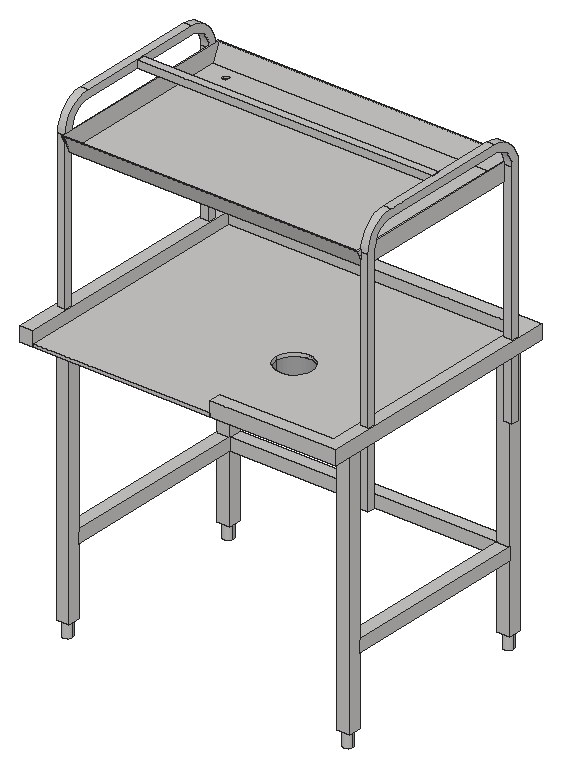
Revit family "QF_ZANUSSI_865334_BHST1008R", category Attrezzature speciali, Revit 2020
Family settings
  Quota connettore circolare = Usa diametro
  Tipo di parte = Normale
  Basato su piano di lavoro = No
  Sempre verticale = Sì
  Taglio con vuoti quando caricato = No
  Condiviso = No
  Punto di calcolo locali = No
Parameters (values of type "Standard")
  Weight = 8.00 kg
  Watts = 0 W
  Volts = 0 V
  URL Manufacturer = "http://www.zanussiprofessional.com"
  URL = "http://www.zanussiprofessional.com"
  Steam Supply Size = 0 mm
  Steam Supply Minimum Pressure = 0.0 Pa
  Steam Supply Maximum Pressure = 0.0 Pa
  Steam Consumption per Hour = 0
  Refrigeration Suction Line Size = 0 mm
  Refrigeration Liquid Line Size = 0 mm
  Refrigerant Compressor Remote = yes
  Prospetto di default = 0 mm
  Produttore = "Zanussi"
  Phase = 0
  Modello = "BHST1008R"
  Length Actual = 1000 mm  # constant formula
  Item Number = "865334"
  Hot Water Size = 0 mm
  Height Actual = 1551 mm  # constant formula
  HP = "0 HP"
  Gas Size = 0 mm
  Gas KW = 0
  Gas Input Pressure = 0 W
  Direct Waste Size = 0 mm
  Description = "SORTING TABLE, RIGHT>LEFT, 1000X800 MM "
  Depth Actual = 800 mm  # constant formula
  Cycle = 0 Hz
  Condensate Return Size = 0 mm
  Compressed Air Volume = 0.0 L/s
  Compressed Air Size = 0 mm
  Compressed Air Pressure = 0.0 Pa
  Cold Water Size = 0 mm
  Accessory = yes
Reference planes
  plane 1 "Centro (Fronte/Retro)": y = 0
  plane 2: z = 0
  plane 3 "Centro (Sinistra/Destra)": x = 0
  plane 4: x = 500
  plane 5: z = 1492
  plane 6: x = 20
  plane 7: y = -379.5
  plane 8: x = 56
  plane 9: x = 944
  plane 10: y = -60
  plane 11: y = -695
Forms (mm)
  Extrusion 1, solid, material "QF_Finishes_Stainless Steel"
    sketch origin (0, 0, 865) x (1, 0, 0) y (0, 1, 0)
      loop
        line (40, -814) -> (600, -814) -> (600, -774) -> (960, -774) -> (960, -40) -> (40, -40) -> (40, -814)
    from 0 to 10
  Extrusion 2, solid, material "QF_Finishes_Stainless Steel"
    sketch origin (-76, -40, 0) x (1, 0, 0) y (0, 1, 0)
      loop
        line (1000, 0) -> (1000, -40) -> (1040, -40) -> (1040, 0) -> (1000, 0)
    from 45 to 865
  Extrusion 3, solid, material "QF_Finishes_Stainless Steel"
    sketch origin (-76, -40, 0) x (1, 0, 0) y (0, 1, 0)
      loop
        circle (1020, -20) r 15
    from 0 to 45
  Extrusion 4, solid, material "QF_Finishes_Stainless Steel"
    sketch origin (-76, -675, 0) x (1, 0, 0) y (0, 1, 0)
      loop
        line (1000, 0) -> (1000, -40) -> (1040, -40) -> (1040, 0) -> (1000, 0)
    from 45 to 865
  Extrusion 5, solid, material "QF_Finishes_Stainless Steel"
    sketch origin (-76, -675, 0) x (1, 0, 0) y (0, 1, 0)
      loop
        circle (1020, -20) r 15
    from 0 to 45
  Extrusion 6, solid, material "QF_Finishes_Stainless Steel"
    sketch origin (-964, -40, 0) x (1, 0, 0) y (0, 1, 0)
      loop
        line (1000, 0) -> (1000, -40) -> (1040, -40) -> (1040, 0) -> (1000, 0)
    from 45 to 865
  Extrusion 7, solid, material "QF_Finishes_Stainless Steel"
    sketch origin (-964, -40, 0) x (1, 0, 0) y (0, 1, 0)
      loop
        circle (1020, -20) r 15
    from 0 to 45
  Extrusion 8, solid, material "QF_Finishes_Stainless Steel"
    sketch origin (-964, -675, 0) x (1, 0, 0) y (0, 1, 0)
      loop
        line (1000, 0) -> (1000, -40) -> (1040, -40) -> (1040, 0) -> (1000, 0)
    from 45 to 865
  Extrusion 9, solid, material "QF_Finishes_Stainless Steel"
    sketch origin (-964, -675, 0) x (1, 0, 0) y (0, 1, 0)
      loop
        circle (1020, -20) r 15
    from 0 to 45
  Extrusion 10, solid, material "QF_Finishes_Stainless Steel"
    sketch origin (0, 0, 0) x (1, 0, 0) y (0, 0, 1)
      loop
        line (76, 259.624) -> (924, 259.624) -> (924, 299.579) -> (76, 299.579) -> (76, 259.624)
    from 40 to 80
  Extrusion 11, solid, material "QF_Finishes_Stainless Steel"
    sketch origin (36, 0, 0) x (0, 1, 0) y (0, 0, 1)
      loop
        line (-80, 299.579) -> (-675, 299.579) -> (-675, 259.579) -> (-80, 259.579) -> (-80, 299.579)
    from 0 to 40
  Extrusion 12, solid, material "QF_Finishes_Stainless Steel"
    sketch origin (964, 0, 0) x (0, 1, 0) y (0, 0, -1)
      loop
        line (-80, -299.579) -> (-80, -259.579) -> (-675, -259.579) -> (-675, -299.579) -> (-80, -299.579)
    from 0 to 40
  Extrusion 13, void
    sketch origin (0, 0, 0) x (1, 0, 0) y (0, 1, 0)
      loop
        circle (610, -490) r 58
    from 674.596 to 947.421
  Extrusion 14, solid, material "QF_Finishes_Stainless Steel"
    sketch origin (0, 0, 865) x (1, 0, 0) y (0, 1, 0)
      loop
        line (0, 0) -> (0, -814) -> (40, -814) -> (40, -40) -> (960, -40) -> (960, -774) -> (600, -774) -> (600, -814) -> (1000, -814) -> (1000, 0) -> (0, 0)
    from 0 to 45
  Sweep 15, solid, material "QF_Finishes_Stainless Steel"
    path origin (0, 0, -12) x (0, 1, 0) y (0, 0, 1)
      loop
        line (-95, 682) -> (-95, 1412)
        arc (-95, 1412) -> (-118.431, 1468.569) -> (-175, 1492) r 80
        line (-175, 1492) -> (-584, 1492)
        arc (-584, 1492) -> (-640.569, 1468.569) -> (-664, 1412) r 80
        line (-664, 1412) -> (-664, 682)
    profile origin (0, -95, 1035) x (0, -1, 0) y (1, 0, 0)
      loop
        line (-12, 8) -> (12, 8) -> (12, 32) -> (-12, 32) -> (-12, 8)
  Extrusion 16, solid, material "QF_Finishes_Stainless Steel"
    sketch origin (0, 0, -12) x (0, 1, 0) y (0, 0, 1)
      loop
        line (-367.5, 1504) -> (-391.5, 1504) -> (-391.5, 1480) -> (-367.5, 1480) -> (-367.5, 1504)
    from 32 to 968
  Sweep 17, solid, material "QF_Finishes_Stainless Steel"
    path origin (1000, 0, -12) x (0, 1, 0) y (0, 0, -1)
      loop
        line (-95, -682) -> (-95, -1412)
        arc (-95, -1412) -> (-118.431, -1468.569) -> (-175, -1492) r 80
        line (-175, -1492) -> (-584, -1492)
        arc (-584, -1492) -> (-640.569, -1468.569) -> (-664, -1412) r 80
        line (-664, -1412) -> (-664, -682)
    profile origin (1000, -95, 1035) x (0, 1, 0) y (-1, 0, 0)
      loop
        line (12, 8) -> (12, 32) -> (-12, 32) -> (-12, 8) -> (12, 8)
  Extrusion 18, void
    sketch origin (32, 0, -6.687) x (0, 1, 0) y (0, 0, 1)
      loop
        line (-56.629, 1444.891) -> (-702.371, 1444.891) -> (-663.034, 1360.532) -> (-95.966, 1360.532) -> (-56.629, 1444.891)
    from 3.287 to 932.889
  Extrusion 19, solid, material "QF_Finishes_Stainless Steel"
    sketch origin (32, 0, -12) x (0, 1, 0) y (0, 0, 1)
      loop
        line (-70.92, 1418.976) -> (-688.08, 1418.976) -> (-661.76, 1362.532) -> (-97.24, 1362.532) -> (-70.92, 1418.976)
    from 0 to 936
  Extrusion 20, void
    sketch origin (0, 0, -12) x (1, 0, 0) y (0, 1, 0)
      loop
        circle (108.268, -136.161) r 12
    from 1301.755 to 1377.519
  Extrusion 21, solid, material "QF_Finishes_Stainless Steel"
    sketch origin (0, 0, -12) x (1, 0, 0) y (0, 1, 0)
      loop
        circle (108.21, -136.146) r 13
    from 1316.037 to 1362.532
  Extrusion 22, void
    sketch origin (0, 0, -12) x (1, 0, 0) y (0, 1, 0)
      loop
        circle (108.268, -136.161) r 10
    from 1301.755 to 1377.519
Cuts and joins
  Extrusion 13 cuts Extrusion 1
  Extrusion 18, Extrusion 22 cuts Extrusion 19
  Extrusion 20 cuts Extrusion 21
Dimensions and locks
  Extrusion 3 to Extrusion 2 = 45 mm
  plane 5 to level = 1492 mm  (x2)
  Extrusion 4 to Extrusion 8 = 848 mm
  Extrusion 10 to Extrusion 10 = 39.955 mm
  plane 9 to plane 8 = 888 mm
  Extrusion 6 to Extrusion 8 = 595 mm
  plane 10 to plane 11 = 635 mm
  cut or joined group of Extrusion 1, Extrusion 13 to plane 1 "Centro (Fronte/Retro)" = 814 mm
  aligned and locked: level to plane 2
  aligned and locked: Extrusion 3 to Extrusion 2
  aligned and locked: Extrusion 5 to Extrusion 4
  aligned and locked: Extrusion 7 to Extrusion 6
  aligned and locked: Extrusion 9 to Extrusion 8
  aligned and locked: Extrusion 2 to Extrusion 10
  aligned and locked: Extrusion 16 to Sweep 15
Nested families
  nested 1: "FORO_IMMONDIZIE - 200" at (610, -490, 863.471), type "FORO_IMMONDIZIE - 200"
Definition of nested family "FORO_IMMONDIZIE - 200"
  Parameters (values of type "FORO_IMMONDIZIE - 200")
    Default Elevation = 1219.2 mm
  Reference planes
    plane 1 "Centro (Fronte/Retro)": y = 0
    plane 2: z = 0
    plane 3 "Centro (Sinistra/Destra)": x = 0
    plane 4: z = -110
  Forms (mm)
    Extrusion 1, solid, not visible
      sketch origin (0, 0, 0) x (1, 0, 0) y (0, 1, 0)
        loop
          line (-1219.2, 1219.2) -> (-1219.2, -1219.2) -> (1219.2, -1219.2) -> (1219.2, 1219.2) -> (-1219.2, 1219.2)
      from 0 to -304.8
    Extrusion 2, solid
      sketch origin (0, 0, 0) x (1, 0, 0) y (0, 1, 0)
        loop
          circle (0, 0) r 60
        loop
          circle (0, 0) r 90
      from -110 to 1.529
  Dimensions and locks
    aligned and locked: plane 2 to Extrusion 1
    aligned and locked: level to Extrusion 1
